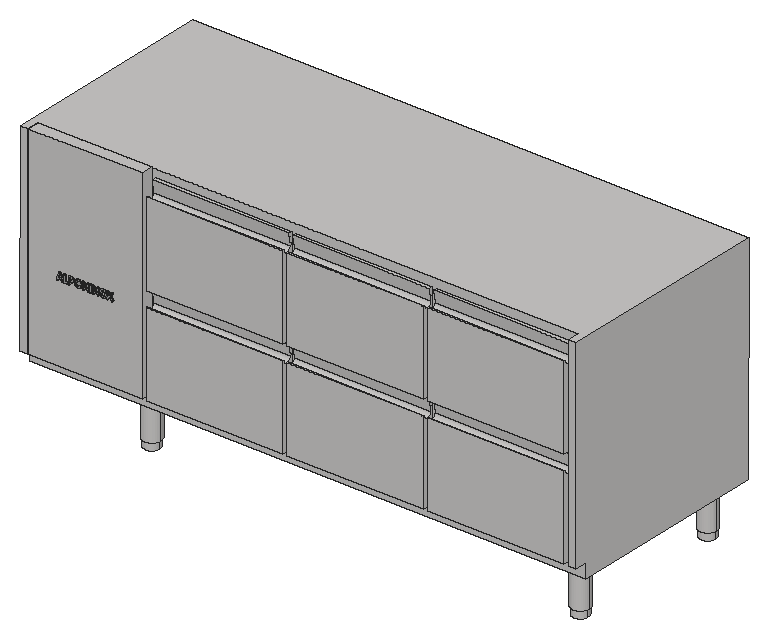
Revit family "QF_ALPENINOX_712051_AH3H7BBB", category Specialty Equipment, Revit 2018
Family settings
  Round Connector Dimension = Use Diameter
  Part Type = Normal
  Work Plane-Based = No
  Always vertical = Yes
  Cut with Voids When Loaded = No
  Shared = No
  Room Calculation Point = No
Parameters
  Weight = 0.00 kg
  Watts = 0.0232258 W
  Volts = 220 V
  URL Manufacturer = "http://www.alpeninox.com/"
  URL = "http://www.alpeninox.com/"
  Steam Supply Size = 0 mm
  Steam Supply Minimum Pressure = 0.0 Pa
  Steam Supply Maximum Pressure = 0.0 Pa
  Steam Pounds per Hour = 0
  Show Logo [instance] = yes
  Show Clearance [instance] = yes
  Refrigeration Suction Line Size = 0 mm
  Refrigeration Liquid Line Size = 0 mm
  Refrigerant Compressor Remote = yes
  Manufacturer = "Alpeninox"
  Phase = 1
  Model = "AH3H7BBB"
  Length Actual = 1795 mm  # constant formula
  Item Number = "712051"
  Hot Water Size = 0 mm
  Height Actual = 850 mm  # constant formula
  HP = "0.3 HP"
  Gas Size = 0 mm
  Gas KW = 0
  Gas Input Pressure = 0 W
  Description = "6DRAWERS REFRIG.TABLE 440L-NO TOP"
  Depth Actual = 700 mm  # constant formula
  Cycle = 50 Hz
  Condensate Return Size = 0 mm
  Compressed Air Volume = 0.0 L/s
  Compressed Air Size = 0 mm
  Compressed Air Pressure = 0.0 Pa
  Cold Water Size = 0 mm
  Accessory = yes
Reference planes
  plane 1 "Center X": y = 182.5
  plane 2: z = 0
  plane 3 "Center Y": x = -353.5
  plane 4: y = -62.5
  plane 5: y = 451.5
  plane 6 "BACK": y = 532.5
  plane 7 "FRONT": y = -167.5
  plane 8: x = -906
  plane 9: x = 478
  plane 10: z = 150
  plane 11 "TOP": z = 900
  plane 12: z = 850
  plane 13 "LEFT": x = -1251
  plane 14 "RIGHT": x = 544
Forms (mm)
  Extrusion 1, solid, material "QF_Finishes_Stainless Steel"
    sketch origin (-353.5, 2, 0) x (0, 1, 0) y (0, 0, 1)
      loop
        line (530.5, 150) -> (530.5, 850) -> (-124.5, 850) -> (-124.5, 150) -> (530.5, 150)
    from -897.5 to 897.5
  Extrusion 2, solid, material "QF_Finishes_Stainless Steel"
    sketch origin (-1022.223, -1524, 150) x (-1, 0, 0) y (0, -1, 0)
      loop
        line (228.777, -1361.5) -> (203.777, -1361.5) -> (203.777, -1401.5) -> (228.777, -1401.5) -> (228.777, -1361.5)
      loop
        line (-1566.223, -1401.5) -> (-1541.223, -1401.5) -> (-1541.223, -1361.5) -> (-1566.223, -1361.5) -> (-1566.223, -1401.5)
    from 47 to 700
  Extrusion 3, solid, material "QF_Finishes_Stainless Steel"
    sketch origin (0, 0, 900) x (-1, 0, 0) y (0, -1, 0)
      loop
        circle (170, -94.5) r 8.45
    from -790.577 to -750
  Extrusion 4, solid, material "QF_Finishes_Stainless Steel"
    sketch origin (0, 0, 0) x (1, 0, 0) y (0, 1, 0)
      loop
        circle (-1167, 451.5) r 4
    from 109.423 to 150
Cuts and joins
  joined: Extrusion 1, Extrusion 2
Lines and regions (mm)
  symbolic lines, style "SpecialityEquipmentHiddenLines"
    curve 1: line (-1251, -122.5, 900) -> (544, -122.5, 900)
    curve 2: line (-850, -162.5, 900) -> (-850, -122.5, 900)
    curve 3: line (-1251, 532.5, 900) -> (544, 532.5, 900)
    curve 4: line (-1251, 532.5, 900) -> (-1251, -162.5, 900)
    curve 5: line (-1251, -162.5, 900) -> (544, -162.5, 900)
    curve 6: line (544, -162.5, 900) -> (544, 532.5, 900)
Dimensions and locks
  locked: plane 6 "BACK" to plane 7 "FRONT" at 700
  equal spacing: plane 6 "BACK", plane 1 "Center X", plane 7 "FRONT"
  locked: plane 6 "BACK" to plane 5 at 81
  plane 10 to level = 150 mm
  plane 11 "TOP" to plane 12 to plane 10 = 50 mm locked, 700 mm locked
  locked: Extrusion 2 sketch curve to Extrusion 2 sketch curve at 25  (x2)
  locked: plane 4 to plane 7 "FRONT" at 105
  locked: plane 6 "BACK" to Extrusion 3 sketch curve at 438
  equal spacing: plane 13 "LEFT", plane 3 "Center Y", plane 14 "RIGHT"
  plane 13 "LEFT" to plane 14 "RIGHT" = 1795 mm
  locked: plane 13 "LEFT" to plane 8 at 345
  locked: plane 9 to plane 14 "RIGHT" at 66
  Extrusion 3 sketch curve to plane 14 "RIGHT" = 714 mm
  plane 13 "LEFT" to Extrusion 4 sketch curve = 84 mm
  locked: plane 6 "BACK" to Extrusion 4 sketch curve at 81
  locked: plane 10 to Extrusion 4 at 40.577
  aligned and locked: level to plane 2
  aligned and locked: plane 10 to Extrusion 3
  aligned and locked: nested 4 to plane 4
  aligned and locked: nested 1 to plane 4
  aligned and locked: nested 3 to plane 5
  aligned and locked: nested 2 to plane 5
  aligned and locked: plane 8 to nested 1
  aligned and locked: plane 8 to nested 2
  aligned and locked: plane 9 to nested 4
  aligned and locked: plane 9 to nested 3
  aligned and locked: Extrusion 1 to Extrusion 2
  aligned and locked: Extrusion 2 to Extrusion 1
  aligned and locked: Extrusion 2 sketch curve to plane 14 "RIGHT"
  aligned and locked: plane 13 "LEFT" to Extrusion 2 sketch curve
  aligned and locked: cut or joined group of Extrusion 1, Extrusion 2 to plane 10
  aligned and locked: plane 12 to cut or joined group of Extrusion 1, Extrusion 2
  aligned and locked: plane 10 to Extrusion 4
Automatic sketch dimensions
  Extrusion 1 sketch curve to plane 10 = 0 mm
  Extrusion 1 sketch curve to plane 12 = 0 mm
  Extrusion 1 sketch curve to plane 6 "BACK" = 0 mm
  plane 7 "FRONT" to Extrusion 1 sketch curve = 45 mm
  plane 7 "FRONT" to Extrusion 2 sketch curve = 45 mm  (x2)
  plane 7 "FRONT" to Extrusion 2 sketch curve = 5 mm  (x2)
  curve 6 to plane 6 "BACK" = 0 mm
  curve 6 to plane 14 "RIGHT" = 0 mm
  curve 5 to plane 13 "LEFT" = 0 mm
  plane 7 "FRONT" to curve 5 = 5 mm
  plane 8 to curve 2 = 56 mm
  curve 1 to curve 4 = 40 mm
  radius of Extrusion 3 sketch curve = 8.45 mm
  radius of Extrusion 4 sketch curve = 4 mm
Nested families
  nested 1: "Foot_Ø50_H150" at (-906, -62.5, 0), type "Foot_Ø50_H150"
  nested 2: "Foot_Ø50_H150" at (-906, 451.5, 0), type "Foot_Ø50_H150"
  nested 3: "Foot_Ø50_H150" at (478, 451.5, 0), type "Foot_Ø50_H150"
  nested 4: "Foot_Ø50_H150" at (478, -62.5, 0), type "Foot_Ø50_H150"
  nested 5: "2 Drawers" at (285, -164.5, 0), Show Clearance <- "Show Clearance", type "2 Drawers"
  nested 6: "2 Drawers" at (-169, -164.5, 0), Show Clearance <- "Show Clearance", type "2 Drawers"
  nested 7: "Refrigerator" at (544, -167.5, 900), type "Refrigerator"
  nested 8: "ALP_Cooling Unit" at (-1041.5, -164.5, 0), Show Logo <- "Show Logo", type "ALP_Cooling Unit"
  nested 9: "2 Drawers" at (-623, -164.5, 0) x (-1, 0, 0) z (0, 0, 1), Show Clearance <- "Show Clearance", type "2 Drawers"
Connectors
  electrical at (-1167, 451.5, 109.423), driven by "Volts"
    settings: on Extrusion 4, index 4, voltage 220 V, apparent load 0 VA, apparent load phase1 0 VA, apparent load phase2 0 VA, apparent load phase3 0 VA, power factor 1, load classification "Altro", number of poles 1, system type 30, power factor state 1, is connector primary yes, connector utility no, sub classification motor no, connector description "Electrical Connection"
  piping at (-170, 94.5, 109.423), diameter 17
    settings: on Extrusion 3, index 5, connector inside diameter 609.6 mm, connector length 0 mm, flow factor 0, pipe flow 0.0 L/s, pressure drop 0.0 Pa, fitting loss kfactor 0, connector angle 0.00°, fixture units 0, engagement length 0 mm, angle of deflection 0.00°, flow configuration 1, flow direction 2, fitting loss method 0, system type 16, joint type 0, gender type 0, connector reference index -1, connector utility 0, adjustable connector no, is connector primary yes, connector description "Drain"
Definition of nested family "Foot_Ø50_H150"
  Reference planes
    plane 1 "Centro (Fronte/Retro)": y = 0
    plane 2: z = 0
    plane 3 "Centro (Sinistra/Destra)": x = 0
    plane 4: z = 150
  Forms (mm)
    Revolve 1, solid
      sketch origin (255.05, 0, 608.09) x (0, 0, 1) y (-1, 0, 0)
        loop
          line (-608.09, 255.05) -> (-608.09, 230.05) -> (-583.09, 230.05) -> (-583.09, 226.05) -> (-458.09, 226.05) -> (-458.09, 255.05) -> (-608.09, 255.05)
        axis (-608.09, 255.05) -> (-458.09, 255.05)
      angle from 0 to 360
  Dimensions and locks
    locked: Revolve 1 sketch curve to Revolve 1 sketch curve at 125
    aligned and locked: level to plane 2
    aligned and locked: plane 4 to Revolve 1 sketch curve
    aligned and locked: Revolve 1 sketch curve to level
    aligned and locked: plane 3 "Centro (Sinistra/Destra)" to Revolve 1 sketch curve
Definition of nested family "2 Drawers"
  Parameters
    Show Clearance [instance] = yes
  Reference planes
    plane 1 "FRONT": y = -3
    plane 2: z = 0
    plane 3 "Centro (Sinistra/Destra)": x = 0
    plane 4: z = 150
    plane 5: z = 850
    plane 6: x = -234
    plane 7: x = 234
    plane 8: x = -220
    plane 9: x = 220
  Forms (mm)
    Extrusion 1, solid
      sketch origin (0, 55, 511) x (0, 0, 1) y (0, -1, 0)
        loop
          line (314, 18) -> (314, 29) -> (274.395, 22.5)
          arc (274.395, 22.5) -> (260.395, 36.5) -> (274.395, 50.5) r 14
          line (274.395, 50.5) -> (274.395, 53) -> (5, 53) -> (5, 18) -> (314, 18)
        loop
          line (-5, 29) -> (-44.605, 22.5)
          arc (-44.605, 22.5) -> (-58.605, 36.5) -> (-44.605, 50.5) r 14
          line (-44.605, 50.5) -> (-44.605, 53) -> (-314, 53) -> (-314, 18) -> (-5, 18) -> (-5, 29)
      from -220 to 220
    Extrusion 2, solid, visible <- "Show Clearance", detail levels coarse
      sketch origin (0, -462, 511) x (0, 0, 1) y (0, -1, 0)
        loop
          line (-314, 109) -> (-314, -464) -> (-5, -464) -> (-5, 109) -> (-314, 109)
        loop
          line (314, -464) -> (314, 109) -> (5, 109) -> (5, -464) -> (314, -464)
      from -220 to 220
  Lines and regions (mm)
    symbolic lines
      curve 1: line (-190, -3, 0) -> (-190, -88, 0)
      curve 2: line (190, -88, 0) -> (190, -3, 0)
      curve 3: line (220, -88, 0) -> (-220, -88, 0)
      curve 4: line (-220, -88, 0) -> (-220, -123, 0)
      curve 5: line (-220, -123, 0) -> (220, -123, 0)
      curve 6: line (220, -123, 0) -> (220, -88, 0)
      curve 7: line (-190, -123, 0) -> (-190, -208, 0)
      curve 8: line (220, -208, 0) -> (-220, -208, 0)
      curve 9: line (-220, -208, 0) -> (-220, -243, 0)
      curve 10: line (-220, -243, 0) -> (220, -243, 0)
      curve 11: line (220, -243, 0) -> (220, -208, 0)
      curve 12: line (190, -208, 0) -> (190, -123, 0)
  Dimensions and locks
    aligned and locked: level to plane 2
Definition of nested family "ALP_Cooling Unit"
  Parameters
    Show Logo [instance] = yes
  Reference planes
    plane 1 "FRONT": y = -3
    plane 2: z = 0
    plane 3 "Centro (Sinistra/Destra)": x = 0
    plane 4: z = 150
    plane 5: z = 850
    plane 6: x = -184.5
    plane 7: x = 184.5
  Forms (mm)
    Extrusion 1, solid
      sketch origin (0, 55, 511) x (0, 0, 1) y (0, -1, 0)
        loop
          line (-314, 53) -> (-314, 13) -> (339, 13) -> (339, 53) -> (-314, 53)
      from -184.5 to 184.5
  Lines and regions (mm)
    Split face 1
      outline origin (0, 2, 197) x (0, 0, 1) y (-1, 0, 0)
        loop
          line (566.835, 184.5) -> (566.835, -184.5)
        loop
          line (521.835, 184.5) -> (521.835, -184.5)
    Split face 2
      outline origin (0, 2, 197) x (0, 0, 1) y (-1, 0, 0)
        loop
          line (526.835, -184.5) -> (526.835, 150.5)
          arc (526.835, 150.5) -> (544.335, 168) -> (561.835, 150.5) r 17.5
          line (561.835, 150.5) -> (561.835, -184.5)
    Split face 3
      outline origin (0, 2, 197) x (0, 0, 1) y (-1, 0, 0)
        loop
          line (555.835, 149.5) -> (532.835, 149.5) -> (532.835, 94.5) -> (555.835, 94.5) -> (555.835, 149.5)
    Split face 4
      outline origin (0, 2, 197) x (0, 0, 1) y (-1, 0, 0)
        loop
          arc (510.649, 158.547) -> (506.648, 162.548) -> (502.647, 158.547) r 4.001
          line (502.647, 158.547) -> (502.647, 116.535)
          arc (502.647, 116.535) -> (506.648, 112.533) -> (510.649, 116.535) r 4.001
          line (510.649, 116.535) -> (510.649, 158.547)
    Split face 5
      outline origin (0, 2, 184.996) x (0, 0, 1) y (-1, 0, 0)
        loop
          arc (510.649, 158.547) -> (506.648, 162.548) -> (502.647, 158.547) r 4.001
          line (502.647, 158.547) -> (502.647, 116.535)
          arc (502.647, 116.535) -> (506.648, 112.533) -> (510.649, 116.535) r 4.001
          line (510.649, 116.535) -> (510.649, 158.547)
    Split face 6
      outline origin (0, 2, 172.993) x (0, 0, 1) y (-1, 0, 0)
        loop
          arc (510.649, 158.547) -> (506.648, 162.548) -> (502.647, 158.547) r 4.001
          line (502.647, 158.547) -> (502.647, 116.535)
          arc (502.647, 116.535) -> (506.648, 112.533) -> (510.649, 116.535) r 4.001
          line (510.649, 116.535) -> (510.649, 158.547)
    Split face 7
      outline origin (0, 2, 160.989) x (0, 0, 1) y (-1, 0, 0)
        loop
          arc (510.649, 158.547) -> (506.648, 162.548) -> (502.647, 158.547) r 4.001
          line (502.647, 158.547) -> (502.647, 116.535)
          arc (502.647, 116.535) -> (506.648, 112.533) -> (510.649, 116.535) r 4.001
          line (510.649, 116.535) -> (510.649, 158.547)
    Split face 8
      outline origin (0, 2, 148.986) x (0, 0, 1) y (-1, 0, 0)
        loop
          arc (510.649, 158.547) -> (506.648, 162.548) -> (502.647, 158.547) r 4.001
          line (502.647, 158.547) -> (502.647, 116.535)
          arc (502.647, 116.535) -> (506.648, 112.533) -> (510.649, 116.535) r 4.001
          line (510.649, 116.535) -> (510.649, 158.547)
    Split face 9
      outline origin (0, 2, 136.982) x (0, 0, 1) y (-1, 0, 0)
        loop
          arc (510.649, 158.547) -> (506.648, 162.548) -> (502.647, 158.547) r 4.001
          line (502.647, 158.547) -> (502.647, 116.535)
          arc (502.647, 116.535) -> (506.648, 112.533) -> (510.649, 116.535) r 4.001
          line (510.649, 116.535) -> (510.649, 158.547)
    Split face 10
      outline origin (0, 2, 124.979) x (0, 0, 1) y (-1, 0, 0)
        loop
          arc (510.649, 158.547) -> (506.648, 162.548) -> (502.647, 158.547) r 4.001
          line (502.647, 158.547) -> (502.647, 116.535)
          arc (502.647, 116.535) -> (506.648, 112.533) -> (510.649, 116.535) r 4.001
          line (510.649, 116.535) -> (510.649, 158.547)
    Split face 11
      outline origin (0, 2, 112.975) x (0, 0, 1) y (-1, 0, 0)
        loop
          arc (510.649, 158.547) -> (506.648, 162.548) -> (502.647, 158.547) r 4.001
          line (502.647, 158.547) -> (502.647, 116.535)
          arc (502.647, 116.535) -> (506.648, 112.533) -> (510.649, 116.535) r 4.001
          line (510.649, 116.535) -> (510.649, 158.547)
    Split face 12
      outline origin (0, 2, 100.972) x (0, 0, 1) y (-1, 0, 0)
        loop
          arc (510.649, 158.547) -> (506.648, 162.548) -> (502.647, 158.547) r 4.001
          line (502.647, 158.547) -> (502.647, 116.535)
          arc (502.647, 116.535) -> (506.648, 112.533) -> (510.649, 116.535) r 4.001
          line (510.649, 116.535) -> (510.649, 158.547)
    Split face 13
      outline origin (0, 2, 88.968) x (0, 0, 1) y (-1, 0, 0)
        loop
          arc (510.649, 158.547) -> (506.648, 162.548) -> (502.647, 158.547) r 4.001
          line (502.647, 158.547) -> (502.647, 116.535)
          arc (502.647, 116.535) -> (506.648, 112.533) -> (510.649, 116.535) r 4.001
          line (510.649, 116.535) -> (510.649, 158.547)
    Split face 14
      outline origin (0, 2, 76.965) x (0, 0, 1) y (-1, 0, 0)
        loop
          arc (510.649, 158.547) -> (506.648, 162.548) -> (502.647, 158.547) r 4.001
          line (502.647, 158.547) -> (502.647, 116.535)
          arc (502.647, 116.535) -> (506.648, 112.533) -> (510.649, 116.535) r 4.001
          line (510.649, 116.535) -> (510.649, 158.547)
    Split face 15
      outline origin (0, 2, 64.961) x (0, 0, 1) y (-1, 0, 0)
        loop
          arc (510.649, 158.547) -> (506.648, 162.548) -> (502.647, 158.547) r 4.001
          line (502.647, 158.547) -> (502.647, 116.535)
          arc (502.647, 116.535) -> (506.648, 112.533) -> (510.649, 116.535) r 4.001
          line (510.649, 116.535) -> (510.649, 158.547)
    Split face 16
      outline origin (0, 2, 52.958) x (0, 0, 1) y (-1, 0, 0)
        loop
          arc (510.649, 158.547) -> (506.648, 162.548) -> (502.647, 158.547) r 4.001
          line (502.647, 158.547) -> (502.647, 116.535)
          arc (502.647, 116.535) -> (506.648, 112.533) -> (510.649, 116.535) r 4.001
          line (510.649, 116.535) -> (510.649, 158.547)
    Split face 17
      outline origin (0, 2, 40.954) x (0, 0, 1) y (-1, 0, 0)
        loop
          arc (510.649, 158.547) -> (506.648, 162.548) -> (502.647, 158.547) r 4.001
          line (502.647, 158.547) -> (502.647, 116.535)
          arc (502.647, 116.535) -> (506.648, 112.533) -> (510.649, 116.535) r 4.001
          line (510.649, 116.535) -> (510.649, 158.547)
    Split face 18
      outline origin (0, 2, 28.951) x (0, 0, 1) y (-1, 0, 0)
        loop
          arc (510.649, 158.547) -> (506.648, 162.548) -> (502.647, 158.547) r 4.001
          line (502.647, 158.547) -> (502.647, 116.535)
          arc (502.647, 116.535) -> (506.648, 112.533) -> (510.649, 116.535) r 4.001
          line (510.649, 116.535) -> (510.649, 158.547)
    Split face 19
      outline origin (0, 2, 16.947) x (0, 0, 1) y (-1, 0, 0)
        loop
          arc (510.649, 158.547) -> (506.648, 162.548) -> (502.647, 158.547) r 4.001
          line (502.647, 158.547) -> (502.647, 116.535)
          arc (502.647, 116.535) -> (506.648, 112.533) -> (510.649, 116.535) r 4.001
          line (510.649, 116.535) -> (510.649, 158.547)
    Split face 20
      outline origin (55.016, 2, 197) x (0, 0, 1) y (-1, 0, 0)
        loop
          arc (510.649, 158.547) -> (506.648, 162.548) -> (502.647, 158.547) r 4.001
          line (502.647, 158.547) -> (502.647, 116.535)
          arc (502.647, 116.535) -> (506.648, 112.533) -> (510.649, 116.535) r 4.001
          line (510.649, 116.535) -> (510.649, 158.547)
    Split face 21
      outline origin (55.016, 2, 184.996) x (0, 0, 1) y (-1, 0, 0)
        loop
          arc (510.649, 158.547) -> (506.648, 162.548) -> (502.647, 158.547) r 4.001
          line (502.647, 158.547) -> (502.647, 116.535)
          arc (502.647, 116.535) -> (506.648, 112.533) -> (510.649, 116.535) r 4.001
          line (510.649, 116.535) -> (510.649, 158.547)
    Split face 22
      outline origin (55.016, 2, 172.993) x (0, 0, 1) y (-1, 0, 0)
        loop
          arc (510.649, 158.547) -> (506.648, 162.548) -> (502.647, 158.547) r 4.001
          line (502.647, 158.547) -> (502.647, 116.535)
          arc (502.647, 116.535) -> (506.648, 112.533) -> (510.649, 116.535) r 4.001
          line (510.649, 116.535) -> (510.649, 158.547)
    Split face 23
      outline origin (55.016, 2, 160.989) x (0, 0, 1) y (-1, 0, 0)
        loop
          arc (510.649, 158.547) -> (506.648, 162.548) -> (502.647, 158.547) r 4.001
          line (502.647, 158.547) -> (502.647, 116.535)
          arc (502.647, 116.535) -> (506.648, 112.533) -> (510.649, 116.535) r 4.001
          line (510.649, 116.535) -> (510.649, 158.547)
    Split face 24
      outline origin (55.016, 2, 148.986) x (0, 0, 1) y (-1, 0, 0)
        loop
          arc (510.649, 158.547) -> (506.648, 162.548) -> (502.647, 158.547) r 4.001
          line (502.647, 158.547) -> (502.647, 116.535)
          arc (502.647, 116.535) -> (506.648, 112.533) -> (510.649, 116.535) r 4.001
          line (510.649, 116.535) -> (510.649, 158.547)
    Split face 25
      outline origin (55.016, 2, 136.982) x (0, 0, 1) y (-1, 0, 0)
        loop
          arc (510.649, 158.547) -> (506.648, 162.548) -> (502.647, 158.547) r 4.001
          line (502.647, 158.547) -> (502.647, 116.535)
          arc (502.647, 116.535) -> (506.648, 112.533) -> (510.649, 116.535) r 4.001
          line (510.649, 116.535) -> (510.649, 158.547)
    Split face 26
      outline origin (55.016, 2, 124.979) x (0, 0, 1) y (-1, 0, 0)
        loop
          arc (510.649, 158.547) -> (506.648, 162.548) -> (502.647, 158.547) r 4.001
          line (502.647, 158.547) -> (502.647, 116.535)
          arc (502.647, 116.535) -> (506.648, 112.533) -> (510.649, 116.535) r 4.001
          line (510.649, 116.535) -> (510.649, 158.547)
    Split face 27
      outline origin (55.016, 2, 112.975) x (0, 0, 1) y (-1, 0, 0)
        loop
          arc (510.649, 158.547) -> (506.648, 162.548) -> (502.647, 158.547) r 4.001
          line (502.647, 158.547) -> (502.647, 116.535)
          arc (502.647, 116.535) -> (506.648, 112.533) -> (510.649, 116.535) r 4.001
          line (510.649, 116.535) -> (510.649, 158.547)
    Split face 28
      outline origin (55.016, 2, 100.972) x (0, 0, 1) y (-1, 0, 0)
        loop
          arc (510.649, 158.547) -> (506.648, 162.548) -> (502.647, 158.547) r 4.001
          line (502.647, 158.547) -> (502.647, 116.535)
          arc (502.647, 116.535) -> (506.648, 112.533) -> (510.649, 116.535) r 4.001
          line (510.649, 116.535) -> (510.649, 158.547)
    Split face 29
      outline origin (55.016, 2, 88.968) x (0, 0, 1) y (-1, 0, 0)
        loop
          arc (510.649, 158.547) -> (506.648, 162.548) -> (502.647, 158.547) r 4.001
          line (502.647, 158.547) -> (502.647, 116.535)
          arc (502.647, 116.535) -> (506.648, 112.533) -> (510.649, 116.535) r 4.001
          line (510.649, 116.535) -> (510.649, 158.547)
    Split face 30
      outline origin (55.016, 2, 76.965) x (0, 0, 1) y (-1, 0, 0)
        loop
          arc (510.649, 158.547) -> (506.648, 162.548) -> (502.647, 158.547) r 4.001
          line (502.647, 158.547) -> (502.647, 116.535)
          arc (502.647, 116.535) -> (506.648, 112.533) -> (510.649, 116.535) r 4.001
          line (510.649, 116.535) -> (510.649, 158.547)
    Split face 31
      outline origin (55.016, 2, 64.961) x (0, 0, 1) y (-1, 0, 0)
        loop
          arc (510.649, 158.547) -> (506.648, 162.548) -> (502.647, 158.547) r 4.001
          line (502.647, 158.547) -> (502.647, 116.535)
          arc (502.647, 116.535) -> (506.648, 112.533) -> (510.649, 116.535) r 4.001
          line (510.649, 116.535) -> (510.649, 158.547)
    Split face 32
      outline origin (55.016, 2, 52.958) x (0, 0, 1) y (-1, 0, 0)
        loop
          arc (510.649, 158.547) -> (506.648, 162.548) -> (502.647, 158.547) r 4.001
          line (502.647, 158.547) -> (502.647, 116.535)
          arc (502.647, 116.535) -> (506.648, 112.533) -> (510.649, 116.535) r 4.001
          line (510.649, 116.535) -> (510.649, 158.547)
    Split face 33
      outline origin (55.016, 2, 40.954) x (0, 0, 1) y (-1, 0, 0)
        loop
          arc (510.649, 158.547) -> (506.648, 162.548) -> (502.647, 158.547) r 4.001
          line (502.647, 158.547) -> (502.647, 116.535)
          arc (502.647, 116.535) -> (506.648, 112.533) -> (510.649, 116.535) r 4.001
          line (510.649, 116.535) -> (510.649, 158.547)
    Split face 34
      outline origin (55.016, 2, 28.951) x (0, 0, 1) y (-1, 0, 0)
        loop
          arc (510.649, 158.547) -> (506.648, 162.548) -> (502.647, 158.547) r 4.001
          line (502.647, 158.547) -> (502.647, 116.535)
          arc (502.647, 116.535) -> (506.648, 112.533) -> (510.649, 116.535) r 4.001
          line (510.649, 116.535) -> (510.649, 158.547)
    Split face 35
      outline origin (55.016, 2, 16.947) x (0, 0, 1) y (-1, 0, 0)
        loop
          arc (510.649, 158.547) -> (506.648, 162.548) -> (502.647, 158.547) r 4.001
          line (502.647, 158.547) -> (502.647, 116.535)
          arc (502.647, 116.535) -> (506.648, 112.533) -> (510.649, 116.535) r 4.001
          line (510.649, 116.535) -> (510.649, 158.547)
    Split face 36
      outline origin (110.032, 2, 197) x (0, 0, 1) y (-1, 0, 0)
        loop
          arc (510.649, 158.547) -> (506.648, 162.548) -> (502.647, 158.547) r 4.001
          line (502.647, 158.547) -> (502.647, 116.535)
          arc (502.647, 116.535) -> (506.648, 112.533) -> (510.649, 116.535) r 4.001
          line (510.649, 116.535) -> (510.649, 158.547)
    Split face 37
      outline origin (110.032, 2, 184.996) x (0, 0, 1) y (-1, 0, 0)
        loop
          arc (510.649, 158.547) -> (506.648, 162.548) -> (502.647, 158.547) r 4.001
          line (502.647, 158.547) -> (502.647, 116.535)
          arc (502.647, 116.535) -> (506.648, 112.533) -> (510.649, 116.535) r 4.001
          line (510.649, 116.535) -> (510.649, 158.547)
    Split face 38
      outline origin (110.032, 2, 172.993) x (0, 0, 1) y (-1, 0, 0)
        loop
          arc (510.649, 158.547) -> (506.648, 162.548) -> (502.647, 158.547) r 4.001
          line (502.647, 158.547) -> (502.647, 116.535)
          arc (502.647, 116.535) -> (506.648, 112.533) -> (510.649, 116.535) r 4.001
          line (510.649, 116.535) -> (510.649, 158.547)
    Split face 39
      outline origin (110.032, 2, 160.989) x (0, 0, 1) y (-1, 0, 0)
        loop
          arc (510.649, 158.547) -> (506.648, 162.548) -> (502.647, 158.547) r 4.001
          line (502.647, 158.547) -> (502.647, 116.535)
          arc (502.647, 116.535) -> (506.648, 112.533) -> (510.649, 116.535) r 4.001
          line (510.649, 116.535) -> (510.649, 158.547)
    Split face 40
      outline origin (110.032, 2, 148.986) x (0, 0, 1) y (-1, 0, 0)
        loop
          arc (510.649, 158.547) -> (506.648, 162.548) -> (502.647, 158.547) r 4.001
          line (502.647, 158.547) -> (502.647, 116.535)
          arc (502.647, 116.535) -> (506.648, 112.533) -> (510.649, 116.535) r 4.001
          line (510.649, 116.535) -> (510.649, 158.547)
    Split face 41
      outline origin (110.032, 2, 136.982) x (0, 0, 1) y (-1, 0, 0)
        loop
          arc (510.649, 158.547) -> (506.648, 162.548) -> (502.647, 158.547) r 4.001
          line (502.647, 158.547) -> (502.647, 116.535)
          arc (502.647, 116.535) -> (506.648, 112.533) -> (510.649, 116.535) r 4.001
          line (510.649, 116.535) -> (510.649, 158.547)
    Split face 42
      outline origin (110.032, 2, 124.979) x (0, 0, 1) y (-1, 0, 0)
        loop
          arc (510.649, 158.547) -> (506.648, 162.548) -> (502.647, 158.547) r 4.001
          line (502.647, 158.547) -> (502.647, 116.535)
          arc (502.647, 116.535) -> (506.648, 112.533) -> (510.649, 116.535) r 4.001
          line (510.649, 116.535) -> (510.649, 158.547)
    Split face 43
      outline origin (110.032, 2, 112.975) x (0, 0, 1) y (-1, 0, 0)
        loop
          arc (510.649, 158.547) -> (506.648, 162.548) -> (502.647, 158.547) r 4.001
          line (502.647, 158.547) -> (502.647, 116.535)
          arc (502.647, 116.535) -> (506.648, 112.533) -> (510.649, 116.535) r 4.001
          line (510.649, 116.535) -> (510.649, 158.547)
    Split face 44
      outline origin (110.032, 2, 100.972) x (0, 0, 1) y (-1, 0, 0)
        loop
          arc (510.649, 158.547) -> (506.648, 162.548) -> (502.647, 158.547) r 4.001
          line (502.647, 158.547) -> (502.647, 116.535)
          arc (502.647, 116.535) -> (506.648, 112.533) -> (510.649, 116.535) r 4.001
          line (510.649, 116.535) -> (510.649, 158.547)
    Split face 45
      outline origin (110.032, 2, 88.968) x (0, 0, 1) y (-1, 0, 0)
        loop
          arc (510.649, 158.547) -> (506.648, 162.548) -> (502.647, 158.547) r 4.001
          line (502.647, 158.547) -> (502.647, 116.535)
          arc (502.647, 116.535) -> (506.648, 112.533) -> (510.649, 116.535) r 4.001
          line (510.649, 116.535) -> (510.649, 158.547)
    Split face 46
      outline origin (110.032, 2, 76.965) x (0, 0, 1) y (-1, 0, 0)
        loop
          arc (510.649, 158.547) -> (506.648, 162.548) -> (502.647, 158.547) r 4.001
          line (502.647, 158.547) -> (502.647, 116.535)
          arc (502.647, 116.535) -> (506.648, 112.533) -> (510.649, 116.535) r 4.001
          line (510.649, 116.535) -> (510.649, 158.547)
    Split face 47
      outline origin (110.032, 2, 64.961) x (0, 0, 1) y (-1, 0, 0)
        loop
          arc (510.649, 158.547) -> (506.648, 162.548) -> (502.647, 158.547) r 4.001
          line (502.647, 158.547) -> (502.647, 116.535)
          arc (502.647, 116.535) -> (506.648, 112.533) -> (510.649, 116.535) r 4.001
          line (510.649, 116.535) -> (510.649, 158.547)
    Split face 48
      outline origin (110.032, 2, 52.958) x (0, 0, 1) y (-1, 0, 0)
        loop
          arc (510.649, 158.547) -> (506.648, 162.548) -> (502.647, 158.547) r 4.001
          line (502.647, 158.547) -> (502.647, 116.535)
          arc (502.647, 116.535) -> (506.648, 112.533) -> (510.649, 116.535) r 4.001
          line (510.649, 116.535) -> (510.649, 158.547)
    Split face 49
      outline origin (110.032, 2, 40.954) x (0, 0, 1) y (-1, 0, 0)
        loop
          arc (510.649, 158.547) -> (506.648, 162.548) -> (502.647, 158.547) r 4.001
          line (502.647, 158.547) -> (502.647, 116.535)
          arc (502.647, 116.535) -> (506.648, 112.533) -> (510.649, 116.535) r 4.001
          line (510.649, 116.535) -> (510.649, 158.547)
    Split face 50
      outline origin (110.032, 2, 28.951) x (0, 0, 1) y (-1, 0, 0)
        loop
          arc (510.649, 158.547) -> (506.648, 162.548) -> (502.647, 158.547) r 4.001
          line (502.647, 158.547) -> (502.647, 116.535)
          arc (502.647, 116.535) -> (506.648, 112.533) -> (510.649, 116.535) r 4.001
          line (510.649, 116.535) -> (510.649, 158.547)
    Split face 51
      outline origin (110.032, 2, 16.947) x (0, 0, 1) y (-1, 0, 0)
        loop
          arc (510.649, 158.547) -> (506.648, 162.548) -> (502.647, 158.547) r 4.001
          line (502.647, 158.547) -> (502.647, 116.535)
          arc (502.647, 116.535) -> (506.648, 112.533) -> (510.649, 116.535) r 4.001
          line (510.649, 116.535) -> (510.649, 158.547)
    Split face 52
      outline origin (165.048, 2, 197) x (0, 0, 1) y (-1, 0, 0)
        loop
          arc (510.649, 158.547) -> (506.648, 162.548) -> (502.647, 158.547) r 4.001
          line (502.647, 158.547) -> (502.647, 116.535)
          arc (502.647, 116.535) -> (506.648, 112.533) -> (510.649, 116.535) r 4.001
          line (510.649, 116.535) -> (510.649, 158.547)
    Split face 53
      outline origin (165.048, 2, 184.996) x (0, 0, 1) y (-1, 0, 0)
        loop
          arc (510.649, 158.547) -> (506.648, 162.548) -> (502.647, 158.547) r 4.001
          line (502.647, 158.547) -> (502.647, 116.535)
          arc (502.647, 116.535) -> (506.648, 112.533) -> (510.649, 116.535) r 4.001
          line (510.649, 116.535) -> (510.649, 158.547)
    Split face 54
      outline origin (165.048, 2, 172.993) x (0, 0, 1) y (-1, 0, 0)
        loop
          arc (510.649, 158.547) -> (506.648, 162.548) -> (502.647, 158.547) r 4.001
          line (502.647, 158.547) -> (502.647, 116.535)
          arc (502.647, 116.535) -> (506.648, 112.533) -> (510.649, 116.535) r 4.001
          line (510.649, 116.535) -> (510.649, 158.547)
    Split face 55
      outline origin (165.048, 2, 160.989) x (0, 0, 1) y (-1, 0, 0)
        loop
          arc (510.649, 158.547) -> (506.648, 162.548) -> (502.647, 158.547) r 4.001
          line (502.647, 158.547) -> (502.647, 116.535)
          arc (502.647, 116.535) -> (506.648, 112.533) -> (510.649, 116.535) r 4.001
          line (510.649, 116.535) -> (510.649, 158.547)
    Split face 56
      outline origin (165.048, 2, 148.986) x (0, 0, 1) y (-1, 0, 0)
        loop
          arc (510.649, 158.547) -> (506.648, 162.548) -> (502.647, 158.547) r 4.001
          line (502.647, 158.547) -> (502.647, 116.535)
          arc (502.647, 116.535) -> (506.648, 112.533) -> (510.649, 116.535) r 4.001
          line (510.649, 116.535) -> (510.649, 158.547)
    Split face 57
      outline origin (165.048, 2, 136.982) x (0, 0, 1) y (-1, 0, 0)
        loop
          arc (510.649, 158.547) -> (506.648, 162.548) -> (502.647, 158.547) r 4.001
          line (502.647, 158.547) -> (502.647, 116.535)
          arc (502.647, 116.535) -> (506.648, 112.533) -> (510.649, 116.535) r 4.001
          line (510.649, 116.535) -> (510.649, 158.547)
    Split face 58
      outline origin (165.048, 2, 124.979) x (0, 0, 1) y (-1, 0, 0)
        loop
          arc (510.649, 158.547) -> (506.648, 162.548) -> (502.647, 158.547) r 4.001
          line (502.647, 158.547) -> (502.647, 116.535)
          arc (502.647, 116.535) -> (506.648, 112.533) -> (510.649, 116.535) r 4.001
          line (510.649, 116.535) -> (510.649, 158.547)
    Split face 59
      outline origin (165.048, 2, 112.975) x (0, 0, 1) y (-1, 0, 0)
        loop
          arc (510.649, 158.547) -> (506.648, 162.548) -> (502.647, 158.547) r 4.001
          line (502.647, 158.547) -> (502.647, 116.535)
          arc (502.647, 116.535) -> (506.648, 112.533) -> (510.649, 116.535) r 4.001
          line (510.649, 116.535) -> (510.649, 158.547)
    Split face 60
      outline origin (165.048, 2, 100.972) x (0, 0, 1) y (-1, 0, 0)
        loop
          arc (510.649, 158.547) -> (506.648, 162.548) -> (502.647, 158.547) r 4.001
          line (502.647, 158.547) -> (502.647, 116.535)
          arc (502.647, 116.535) -> (506.648, 112.533) -> (510.649, 116.535) r 4.001
          line (510.649, 116.535) -> (510.649, 158.547)
    Split face 61
      outline origin (165.048, 2, 88.968) x (0, 0, 1) y (-1, 0, 0)
        loop
          arc (510.649, 158.547) -> (506.648, 162.548) -> (502.647, 158.547) r 4.001
          line (502.647, 158.547) -> (502.647, 116.535)
          arc (502.647, 116.535) -> (506.648, 112.533) -> (510.649, 116.535) r 4.001
          line (510.649, 116.535) -> (510.649, 158.547)
    Split face 62
      outline origin (165.048, 2, 76.965) x (0, 0, 1) y (-1, 0, 0)
        loop
          arc (510.649, 158.547) -> (506.648, 162.548) -> (502.647, 158.547) r 4.001
          line (502.647, 158.547) -> (502.647, 116.535)
          arc (502.647, 116.535) -> (506.648, 112.533) -> (510.649, 116.535) r 4.001
          line (510.649, 116.535) -> (510.649, 158.547)
    Split face 63
      outline origin (165.048, 2, 64.961) x (0, 0, 1) y (-1, 0, 0)
        loop
          arc (510.649, 158.547) -> (506.648, 162.548) -> (502.647, 158.547) r 4.001
          line (502.647, 158.547) -> (502.647, 116.535)
          arc (502.647, 116.535) -> (506.648, 112.533) -> (510.649, 116.535) r 4.001
          line (510.649, 116.535) -> (510.649, 158.547)
    Split face 64
      outline origin (165.048, 2, 52.958) x (0, 0, 1) y (-1, 0, 0)
        loop
          arc (510.649, 158.547) -> (506.648, 162.548) -> (502.647, 158.547) r 4.001
          line (502.647, 158.547) -> (502.647, 116.535)
          arc (502.647, 116.535) -> (506.648, 112.533) -> (510.649, 116.535) r 4.001
          line (510.649, 116.535) -> (510.649, 158.547)
    Split face 65
      outline origin (165.048, 2, 40.954) x (0, 0, 1) y (-1, 0, 0)
        loop
          arc (510.649, 158.547) -> (506.648, 162.548) -> (502.647, 158.547) r 4.001
          line (502.647, 158.547) -> (502.647, 116.535)
          arc (502.647, 116.535) -> (506.648, 112.533) -> (510.649, 116.535) r 4.001
          line (510.649, 116.535) -> (510.649, 158.547)
    Split face 66
      outline origin (165.048, 2, 28.951) x (0, 0, 1) y (-1, 0, 0)
        loop
          arc (510.649, 158.547) -> (506.648, 162.548) -> (502.647, 158.547) r 4.001
          line (502.647, 158.547) -> (502.647, 116.535)
          arc (502.647, 116.535) -> (506.648, 112.533) -> (510.649, 116.535) r 4.001
          line (510.649, 116.535) -> (510.649, 158.547)
    Split face 67
      outline origin (165.048, 2, 16.947) x (0, 0, 1) y (-1, 0, 0)
        loop
          arc (510.649, 158.547) -> (506.648, 162.548) -> (502.647, 158.547) r 4.001
          line (502.647, 158.547) -> (502.647, 116.535)
          arc (502.647, 116.535) -> (506.648, 112.533) -> (510.649, 116.535) r 4.001
          line (510.649, 116.535) -> (510.649, 158.547)
    Split face 68
      outline origin (220.064, 2, 197) x (0, 0, 1) y (-1, 0, 0)
        loop
          arc (510.649, 158.547) -> (506.648, 162.548) -> (502.647, 158.547) r 4.001
          line (502.647, 158.547) -> (502.647, 116.535)
          arc (502.647, 116.535) -> (506.648, 112.533) -> (510.649, 116.535) r 4.001
          line (510.649, 116.535) -> (510.649, 158.547)
    Split face 69
      outline origin (220.064, 2, 184.996) x (0, 0, 1) y (-1, 0, 0)
        loop
          arc (510.649, 158.547) -> (506.648, 162.548) -> (502.647, 158.547) r 4.001
          line (502.647, 158.547) -> (502.647, 116.535)
          arc (502.647, 116.535) -> (506.648, 112.533) -> (510.649, 116.535) r 4.001
          line (510.649, 116.535) -> (510.649, 158.547)
    Split face 70
      outline origin (220.064, 2, 172.993) x (0, 0, 1) y (-1, 0, 0)
        loop
          arc (510.649, 158.547) -> (506.648, 162.548) -> (502.647, 158.547) r 4.001
          line (502.647, 158.547) -> (502.647, 116.535)
          arc (502.647, 116.535) -> (506.648, 112.533) -> (510.649, 116.535) r 4.001
          line (510.649, 116.535) -> (510.649, 158.547)
    Split face 71
      outline origin (220.064, 2, 160.989) x (0, 0, 1) y (-1, 0, 0)
        loop
          arc (510.649, 158.547) -> (506.648, 162.548) -> (502.647, 158.547) r 4.001
          line (502.647, 158.547) -> (502.647, 116.535)
          arc (502.647, 116.535) -> (506.648, 112.533) -> (510.649, 116.535) r 4.001
          line (510.649, 116.535) -> (510.649, 158.547)
    Split face 72
      outline origin (220.064, 2, 148.986) x (0, 0, 1) y (-1, 0, 0)
        loop
          arc (510.649, 158.547) -> (506.648, 162.548) -> (502.647, 158.547) r 4.001
          line (502.647, 158.547) -> (502.647, 116.535)
          arc (502.647, 116.535) -> (506.648, 112.533) -> (510.649, 116.535) r 4.001
          line (510.649, 116.535) -> (510.649, 158.547)
    Split face 73
      outline origin (220.064, 2, 136.982) x (0, 0, 1) y (-1, 0, 0)
        loop
          arc (510.649, 158.547) -> (506.648, 162.548) -> (502.647, 158.547) r 4.001
          line (502.647, 158.547) -> (502.647, 116.535)
          arc (502.647, 116.535) -> (506.648, 112.533) -> (510.649, 116.535) r 4.001
          line (510.649, 116.535) -> (510.649, 158.547)
    Split face 74
      outline origin (220.064, 2, 124.979) x (0, 0, 1) y (-1, 0, 0)
        loop
          arc (510.649, 158.547) -> (506.648, 162.548) -> (502.647, 158.547) r 4.001
          line (502.647, 158.547) -> (502.647, 116.535)
          arc (502.647, 116.535) -> (506.648, 112.533) -> (510.649, 116.535) r 4.001
          line (510.649, 116.535) -> (510.649, 158.547)
    Split face 75
      outline origin (220.064, 2, 112.975) x (0, 0, 1) y (-1, 0, 0)
        loop
          arc (510.649, 158.547) -> (506.648, 162.548) -> (502.647, 158.547) r 4.001
          line (502.647, 158.547) -> (502.647, 116.535)
          arc (502.647, 116.535) -> (506.648, 112.533) -> (510.649, 116.535) r 4.001
          line (510.649, 116.535) -> (510.649, 158.547)
    Split face 76
      outline origin (220.064, 2, 100.972) x (0, 0, 1) y (-1, 0, 0)
        loop
          arc (510.649, 158.547) -> (506.648, 162.548) -> (502.647, 158.547) r 4.001
          line (502.647, 158.547) -> (502.647, 116.535)
          arc (502.647, 116.535) -> (506.648, 112.533) -> (510.649, 116.535) r 4.001
          line (510.649, 116.535) -> (510.649, 158.547)
    Split face 77
      outline origin (220.064, 2, 88.968) x (0, 0, 1) y (-1, 0, 0)
        loop
          arc (510.649, 158.547) -> (506.648, 162.548) -> (502.647, 158.547) r 4.001
          line (502.647, 158.547) -> (502.647, 116.535)
          arc (502.647, 116.535) -> (506.648, 112.533) -> (510.649, 116.535) r 4.001
          line (510.649, 116.535) -> (510.649, 158.547)
    Split face 78
      outline origin (220.064, 2, 76.965) x (0, 0, 1) y (-1, 0, 0)
        loop
          arc (510.649, 158.547) -> (506.648, 162.548) -> (502.647, 158.547) r 4.001
          line (502.647, 158.547) -> (502.647, 116.535)
          arc (502.647, 116.535) -> (506.648, 112.533) -> (510.649, 116.535) r 4.001
          line (510.649, 116.535) -> (510.649, 158.547)
    Split face 79
      outline origin (220.064, 2, 64.961) x (0, 0, 1) y (-1, 0, 0)
        loop
          arc (510.649, 158.547) -> (506.648, 162.548) -> (502.647, 158.547) r 4.001
          line (502.647, 158.547) -> (502.647, 116.535)
          arc (502.647, 116.535) -> (506.648, 112.533) -> (510.649, 116.535) r 4.001
          line (510.649, 116.535) -> (510.649, 158.547)
    Split face 80
      outline origin (220.064, 2, 52.958) x (0, 0, 1) y (-1, 0, 0)
        loop
          arc (510.649, 158.547) -> (506.648, 162.548) -> (502.647, 158.547) r 4.001
          line (502.647, 158.547) -> (502.647, 116.535)
          arc (502.647, 116.535) -> (506.648, 112.533) -> (510.649, 116.535) r 4.001
          line (510.649, 116.535) -> (510.649, 158.547)
    Split face 81
      outline origin (220.064, 2, 40.954) x (0, 0, 1) y (-1, 0, 0)
        loop
          arc (510.649, 158.547) -> (506.648, 162.548) -> (502.647, 158.547) r 4.001
          line (502.647, 158.547) -> (502.647, 116.535)
          arc (502.647, 116.535) -> (506.648, 112.533) -> (510.649, 116.535) r 4.001
          line (510.649, 116.535) -> (510.649, 158.547)
    Split face 82
      outline origin (220.064, 2, 28.951) x (0, 0, 1) y (-1, 0, 0)
        loop
          arc (510.649, 158.547) -> (506.648, 162.548) -> (502.647, 158.547) r 4.001
          line (502.647, 158.547) -> (502.647, 116.535)
          arc (502.647, 116.535) -> (506.648, 112.533) -> (510.649, 116.535) r 4.001
          line (510.649, 116.535) -> (510.649, 158.547)
    Split face 83
      outline origin (220.064, 2, 16.947) x (0, 0, 1) y (-1, 0, 0)
        loop
          arc (510.649, 158.547) -> (506.648, 162.548) -> (502.647, 158.547) r 4.001
          line (502.647, 158.547) -> (502.647, 116.535)
          arc (502.647, 116.535) -> (506.648, 112.533) -> (510.649, 116.535) r 4.001
          line (510.649, 116.535) -> (510.649, 158.547)
    Split face 84
      outline origin (275.081, 2, 197) x (0, 0, 1) y (-1, 0, 0)
        loop
          arc (510.649, 158.547) -> (506.648, 162.548) -> (502.647, 158.547) r 4.001
          line (502.647, 158.547) -> (502.647, 116.535)
          arc (502.647, 116.535) -> (506.648, 112.533) -> (510.649, 116.535) r 4.001
          line (510.649, 116.535) -> (510.649, 158.547)
    Split face 85
      outline origin (275.081, 2, 184.996) x (0, 0, 1) y (-1, 0, 0)
        loop
          arc (510.649, 158.547) -> (506.648, 162.548) -> (502.647, 158.547) r 4.001
          line (502.647, 158.547) -> (502.647, 116.535)
          arc (502.647, 116.535) -> (506.648, 112.533) -> (510.649, 116.535) r 4.001
          line (510.649, 116.535) -> (510.649, 158.547)
    Split face 86
      outline origin (275.081, 2, 172.993) x (0, 0, 1) y (-1, 0, 0)
        loop
          arc (510.649, 158.547) -> (506.648, 162.548) -> (502.647, 158.547) r 4.001
          line (502.647, 158.547) -> (502.647, 116.535)
          arc (502.647, 116.535) -> (506.648, 112.533) -> (510.649, 116.535) r 4.001
          line (510.649, 116.535) -> (510.649, 158.547)
    Split face 87
      outline origin (275.081, 2, 160.989) x (0, 0, 1) y (-1, 0, 0)
        loop
          arc (510.649, 158.547) -> (506.648, 162.548) -> (502.647, 158.547) r 4.001
          line (502.647, 158.547) -> (502.647, 116.535)
          arc (502.647, 116.535) -> (506.648, 112.533) -> (510.649, 116.535) r 4.001
          line (510.649, 116.535) -> (510.649, 158.547)
    Split face 88
      outline origin (275.081, 2, 148.986) x (0, 0, 1) y (-1, 0, 0)
        loop
          arc (510.649, 158.547) -> (506.648, 162.548) -> (502.647, 158.547) r 4.001
          line (502.647, 158.547) -> (502.647, 116.535)
          arc (502.647, 116.535) -> (506.648, 112.533) -> (510.649, 116.535) r 4.001
          line (510.649, 116.535) -> (510.649, 158.547)
    Split face 89
      outline origin (275.081, 2, 136.982) x (0, 0, 1) y (-1, 0, 0)
        loop
          arc (510.649, 158.547) -> (506.648, 162.548) -> (502.647, 158.547) r 4.001
          line (502.647, 158.547) -> (502.647, 116.535)
          arc (502.647, 116.535) -> (506.648, 112.533) -> (510.649, 116.535) r 4.001
          line (510.649, 116.535) -> (510.649, 158.547)
    Split face 90
      outline origin (275.081, 2, 124.979) x (0, 0, 1) y (-1, 0, 0)
        loop
          arc (510.649, 158.547) -> (506.648, 162.548) -> (502.647, 158.547) r 4.001
          line (502.647, 158.547) -> (502.647, 116.535)
          arc (502.647, 116.535) -> (506.648, 112.533) -> (510.649, 116.535) r 4.001
          line (510.649, 116.535) -> (510.649, 158.547)
    Split face 91
      outline origin (275.081, 2, 112.975) x (0, 0, 1) y (-1, 0, 0)
        loop
          arc (510.649, 158.547) -> (506.648, 162.548) -> (502.647, 158.547) r 4.001
          line (502.647, 158.547) -> (502.647, 116.535)
          arc (502.647, 116.535) -> (506.648, 112.533) -> (510.649, 116.535) r 4.001
          line (510.649, 116.535) -> (510.649, 158.547)
    Split face 92
      outline origin (275.081, 2, 100.972) x (0, 0, 1) y (-1, 0, 0)
        loop
          arc (510.649, 158.547) -> (506.648, 162.548) -> (502.647, 158.547) r 4.001
          line (502.647, 158.547) -> (502.647, 116.535)
          arc (502.647, 116.535) -> (506.648, 112.533) -> (510.649, 116.535) r 4.001
          line (510.649, 116.535) -> (510.649, 158.547)
    Split face 93
      outline origin (275.081, 2, 88.968) x (0, 0, 1) y (-1, 0, 0)
        loop
          arc (510.649, 158.547) -> (506.648, 162.548) -> (502.647, 158.547) r 4.001
          line (502.647, 158.547) -> (502.647, 116.535)
          arc (502.647, 116.535) -> (506.648, 112.533) -> (510.649, 116.535) r 4.001
          line (510.649, 116.535) -> (510.649, 158.547)
    Split face 94
      outline origin (275.081, 2, 76.965) x (0, 0, 1) y (-1, 0, 0)
        loop
          arc (510.649, 158.547) -> (506.648, 162.548) -> (502.647, 158.547) r 4.001
          line (502.647, 158.547) -> (502.647, 116.535)
          arc (502.647, 116.535) -> (506.648, 112.533) -> (510.649, 116.535) r 4.001
          line (510.649, 116.535) -> (510.649, 158.547)
    Split face 95
      outline origin (275.081, 2, 64.961) x (0, 0, 1) y (-1, 0, 0)
        loop
          arc (510.649, 158.547) -> (506.648, 162.548) -> (502.647, 158.547) r 4.001
          line (502.647, 158.547) -> (502.647, 116.535)
          arc (502.647, 116.535) -> (506.648, 112.533) -> (510.649, 116.535) r 4.001
          line (510.649, 116.535) -> (510.649, 158.547)
    Split face 96
      outline origin (275.081, 2, 52.958) x (0, 0, 1) y (-1, 0, 0)
        loop
          arc (510.649, 158.547) -> (506.648, 162.548) -> (502.647, 158.547) r 4.001
          line (502.647, 158.547) -> (502.647, 116.535)
          arc (502.647, 116.535) -> (506.648, 112.533) -> (510.649, 116.535) r 4.001
          line (510.649, 116.535) -> (510.649, 158.547)
    Split face 97
      outline origin (275.081, 2, 40.954) x (0, 0, 1) y (-1, 0, 0)
        loop
          arc (510.649, 158.547) -> (506.648, 162.548) -> (502.647, 158.547) r 4.001
          line (502.647, 158.547) -> (502.647, 116.535)
          arc (502.647, 116.535) -> (506.648, 112.533) -> (510.649, 116.535) r 4.001
          line (510.649, 116.535) -> (510.649, 158.547)
    Split face 98
      outline origin (275.081, 2, 28.951) x (0, 0, 1) y (-1, 0, 0)
        loop
          arc (510.649, 158.547) -> (506.648, 162.548) -> (502.647, 158.547) r 4.001
          line (502.647, 158.547) -> (502.647, 116.535)
          arc (502.647, 116.535) -> (506.648, 112.533) -> (510.649, 116.535) r 4.001
          line (510.649, 116.535) -> (510.649, 158.547)
    Split face 99
      outline origin (275.081, 2, 16.947) x (0, 0, 1) y (-1, 0, 0)
        loop
          arc (510.649, 158.547) -> (506.648, 162.548) -> (502.647, 158.547) r 4.001
          line (502.647, 158.547) -> (502.647, 116.535)
          arc (502.647, 116.535) -> (506.648, 112.533) -> (510.649, 116.535) r 4.001
          line (510.649, 116.535) -> (510.649, 158.547)
    Split face 100
      outline origin (0, 2, -113.091) x (0, 0, 1) y (-1, 0, 0)
        loop
          arc (510.649, 158.547) -> (506.648, 162.548) -> (502.647, 158.547) r 4.001
          line (502.647, 158.547) -> (502.647, 116.535)
          arc (502.647, 116.535) -> (506.648, 112.533) -> (510.649, 116.535) r 4.001
          line (510.649, 116.535) -> (510.649, 158.547)
    Split face 101
      outline origin (0, 2, -125.094) x (0, 0, 1) y (-1, 0, 0)
        loop
          arc (510.649, 158.547) -> (506.648, 162.548) -> (502.647, 158.547) r 4.001
          line (502.647, 158.547) -> (502.647, 116.535)
          arc (502.647, 116.535) -> (506.648, 112.533) -> (510.649, 116.535) r 4.001
          line (510.649, 116.535) -> (510.649, 158.547)
    Split face 102
      outline origin (0, 2, -137.098) x (0, 0, 1) y (-1, 0, 0)
        loop
          arc (510.649, 158.547) -> (506.648, 162.548) -> (502.647, 158.547) r 4.001
          line (502.647, 158.547) -> (502.647, 116.535)
          arc (502.647, 116.535) -> (506.648, 112.533) -> (510.649, 116.535) r 4.001
          line (510.649, 116.535) -> (510.649, 158.547)
    Split face 103
      outline origin (0, 2, -149.101) x (0, 0, 1) y (-1, 0, 0)
        loop
          arc (510.649, 158.547) -> (506.648, 162.548) -> (502.647, 158.547) r 4.001
          line (502.647, 158.547) -> (502.647, 116.535)
          arc (502.647, 116.535) -> (506.648, 112.533) -> (510.649, 116.535) r 4.001
          line (510.649, 116.535) -> (510.649, 158.547)
    Split face 104
      outline origin (0, 2, -161.105) x (0, 0, 1) y (-1, 0, 0)
        loop
          arc (510.649, 158.547) -> (506.648, 162.548) -> (502.647, 158.547) r 4.001
          line (502.647, 158.547) -> (502.647, 116.535)
          arc (502.647, 116.535) -> (506.648, 112.533) -> (510.649, 116.535) r 4.001
          line (510.649, 116.535) -> (510.649, 158.547)
    Split face 105
      outline origin (0, 2, -173.108) x (0, 0, 1) y (-1, 0, 0)
        loop
          arc (510.649, 158.547) -> (506.648, 162.548) -> (502.647, 158.547) r 4.001
          line (502.647, 158.547) -> (502.647, 116.535)
          arc (502.647, 116.535) -> (506.648, 112.533) -> (510.649, 116.535) r 4.001
          line (510.649, 116.535) -> (510.649, 158.547)
    Split face 106
      outline origin (0, 2, -185.112) x (0, 0, 1) y (-1, 0, 0)
        loop
          arc (510.649, 158.547) -> (506.648, 162.548) -> (502.647, 158.547) r 4.001
          line (502.647, 158.547) -> (502.647, 116.535)
          arc (502.647, 116.535) -> (506.648, 112.533) -> (510.649, 116.535) r 4.001
          line (510.649, 116.535) -> (510.649, 158.547)
    Split face 107
      outline origin (0, 2, -197.115) x (0, 0, 1) y (-1, 0, 0)
        loop
          arc (510.649, 158.547) -> (506.648, 162.548) -> (502.647, 158.547) r 4.001
          line (502.647, 158.547) -> (502.647, 116.535)
          arc (502.647, 116.535) -> (506.648, 112.533) -> (510.649, 116.535) r 4.001
          line (510.649, 116.535) -> (510.649, 158.547)
    Split face 108
      outline origin (0, 2, -209.119) x (0, 0, 1) y (-1, 0, 0)
        loop
          arc (510.649, 158.547) -> (506.648, 162.548) -> (502.647, 158.547) r 4.001
          line (502.647, 158.547) -> (502.647, 116.535)
          arc (502.647, 116.535) -> (506.648, 112.533) -> (510.649, 116.535) r 4.001
          line (510.649, 116.535) -> (510.649, 158.547)
    Split face 109
      outline origin (0, 2, -221.122) x (0, 0, 1) y (-1, 0, 0)
        loop
          arc (510.649, 158.547) -> (506.648, 162.548) -> (502.647, 158.547) r 4.001
          line (502.647, 158.547) -> (502.647, 116.535)
          arc (502.647, 116.535) -> (506.648, 112.533) -> (510.649, 116.535) r 4.001
          line (510.649, 116.535) -> (510.649, 158.547)
    Split face 110
      outline origin (0, 2, -233.126) x (0, 0, 1) y (-1, 0, 0)
        loop
          arc (510.649, 158.547) -> (506.648, 162.548) -> (502.647, 158.547) r 4.001
          line (502.647, 158.547) -> (502.647, 116.535)
          arc (502.647, 116.535) -> (506.648, 112.533) -> (510.649, 116.535) r 4.001
          line (510.649, 116.535) -> (510.649, 158.547)
    Split face 111
      outline origin (0, 2, -245.129) x (0, 0, 1) y (-1, 0, 0)
        loop
          arc (510.649, 158.547) -> (506.648, 162.548) -> (502.647, 158.547) r 4.001
          line (502.647, 158.547) -> (502.647, 116.535)
          arc (502.647, 116.535) -> (506.648, 112.533) -> (510.649, 116.535) r 4.001
          line (510.649, 116.535) -> (510.649, 158.547)
    Split face 112
      outline origin (0, 2, -257.133) x (0, 0, 1) y (-1, 0, 0)
        loop
          arc (510.649, 158.547) -> (506.648, 162.548) -> (502.647, 158.547) r 4.001
          line (502.647, 158.547) -> (502.647, 116.535)
          arc (502.647, 116.535) -> (506.648, 112.533) -> (510.649, 116.535) r 4.001
          line (510.649, 116.535) -> (510.649, 158.547)
    Split face 113
      outline origin (0, 2, -269.136) x (0, 0, 1) y (-1, 0, 0)
        loop
          arc (510.649, 158.547) -> (506.648, 162.548) -> (502.647, 158.547) r 4.001
          line (502.647, 158.547) -> (502.647, 116.535)
          arc (502.647, 116.535) -> (506.648, 112.533) -> (510.649, 116.535) r 4.001
          line (510.649, 116.535) -> (510.649, 158.547)
    Split face 114
      outline origin (0, 2, -281.14) x (0, 0, 1) y (-1, 0, 0)
        loop
          arc (510.649, 158.547) -> (506.648, 162.548) -> (502.647, 158.547) r 4.001
          line (502.647, 158.547) -> (502.647, 116.535)
          arc (502.647, 116.535) -> (506.648, 112.533) -> (510.649, 116.535) r 4.001
          line (510.649, 116.535) -> (510.649, 158.547)
    Split face 115
      outline origin (0, 2, -293.144) x (0, 0, 1) y (-1, 0, 0)
        loop
          arc (510.649, 158.547) -> (506.648, 162.548) -> (502.647, 158.547) r 4.001
          line (502.647, 158.547) -> (502.647, 116.535)
          arc (502.647, 116.535) -> (506.648, 112.533) -> (510.649, 116.535) r 4.001
          line (510.649, 116.535) -> (510.649, 158.547)
    Split face 116
      outline origin (55.016, 2, -113.091) x (0, 0, 1) y (-1, 0, 0)
        loop
          arc (510.649, 158.547) -> (506.648, 162.548) -> (502.647, 158.547) r 4.001
          line (502.647, 158.547) -> (502.647, 116.535)
          arc (502.647, 116.535) -> (506.648, 112.533) -> (510.649, 116.535) r 4.001
          line (510.649, 116.535) -> (510.649, 158.547)
    Split face 117
      outline origin (55.016, 2, -125.094) x (0, 0, 1) y (-1, 0, 0)
        loop
          arc (510.649, 158.547) -> (506.648, 162.548) -> (502.647, 158.547) r 4.001
          line (502.647, 158.547) -> (502.647, 116.535)
          arc (502.647, 116.535) -> (506.648, 112.533) -> (510.649, 116.535) r 4.001
          line (510.649, 116.535) -> (510.649, 158.547)
    Split face 118
      outline origin (55.016, 2, -137.098) x (0, 0, 1) y (-1, 0, 0)
        loop
          arc (510.649, 158.547) -> (506.648, 162.548) -> (502.647, 158.547) r 4.001
          line (502.647, 158.547) -> (502.647, 116.535)
          arc (502.647, 116.535) -> (506.648, 112.533) -> (510.649, 116.535) r 4.001
          line (510.649, 116.535) -> (510.649, 158.547)
    Split face 119
      outline origin (55.016, 2, -149.101) x (0, 0, 1) y (-1, 0, 0)
        loop
          arc (510.649, 158.547) -> (506.648, 162.548) -> (502.647, 158.547) r 4.001
          line (502.647, 158.547) -> (502.647, 116.535)
          arc (502.647, 116.535) -> (506.648, 112.533) -> (510.649, 116.535) r 4.001
          line (510.649, 116.535) -> (510.649, 158.547)
    Split face 120
      outline origin (55.016, 2, -161.105) x (0, 0, 1) y (-1, 0, 0)
        loop
          arc (510.649, 158.547) -> (506.648, 162.548) -> (502.647, 158.547) r 4.001
          line (502.647, 158.547) -> (502.647, 116.535)
          arc (502.647, 116.535) -> (506.648, 112.533) -> (510.649, 116.535) r 4.001
          line (510.649, 116.535) -> (510.649, 158.547)
    Split face 121
      outline origin (55.016, 2, -173.108) x (0, 0, 1) y (-1, 0, 0)
        loop
          arc (510.649, 158.547) -> (506.648, 162.548) -> (502.647, 158.547) r 4.001
          line (502.647, 158.547) -> (502.647, 116.535)
          arc (502.647, 116.535) -> (506.648, 112.533) -> (510.649, 116.535) r 4.001
          line (510.649, 116.535) -> (510.649, 158.547)
    Split face 122
      outline origin (55.016, 2, -185.112) x (0, 0, 1) y (-1, 0, 0)
        loop
          arc (510.649, 158.547) -> (506.648, 162.548) -> (502.647, 158.547) r 4.001
          line (502.647, 158.547) -> (502.647, 116.535)
          arc (502.647, 116.535) -> (506.648, 112.533) -> (510.649, 116.535) r 4.001
          line (510.649, 116.535) -> (510.649, 158.547)
    Split face 123
      outline origin (55.016, 2, -197.115) x (0, 0, 1) y (-1, 0, 0)
        loop
          arc (510.649, 158.547) -> (506.648, 162.548) -> (502.647, 158.547) r 4.001
          line (502.647, 158.547) -> (502.647, 116.535)
          arc (502.647, 116.535) -> (506.648, 112.533) -> (510.649, 116.535) r 4.001
          line (510.649, 116.535) -> (510.649, 158.547)
    Split face 124
      outline origin (55.016, 2, -209.119) x (0, 0, 1) y (-1, 0, 0)
        loop
          arc (510.649, 158.547) -> (506.648, 162.548) -> (502.647, 158.547) r 4.001
          line (502.647, 158.547) -> (502.647, 116.535)
          arc (502.647, 116.535) -> (506.648, 112.533) -> (510.649, 116.535) r 4.001
          line (510.649, 116.535) -> (510.649, 158.547)
    Split face 125
      outline origin (55.016, 2, -221.122) x (0, 0, 1) y (-1, 0, 0)
        loop
          arc (510.649, 158.547) -> (506.648, 162.548) -> (502.647, 158.547) r 4.001
          line (502.647, 158.547) -> (502.647, 116.535)
          arc (502.647, 116.535) -> (506.648, 112.533) -> (510.649, 116.535) r 4.001
          line (510.649, 116.535) -> (510.649, 158.547)
    Split face 126
      outline origin (55.016, 2, -233.126) x (0, 0, 1) y (-1, 0, 0)
        loop
          arc (510.649, 158.547) -> (506.648, 162.548) -> (502.647, 158.547) r 4.001
          line (502.647, 158.547) -> (502.647, 116.535)
          arc (502.647, 116.535) -> (506.648, 112.533) -> (510.649, 116.535) r 4.001
          line (510.649, 116.535) -> (510.649, 158.547)
    Split face 127
      outline origin (55.016, 2, -245.129) x (0, 0, 1) y (-1, 0, 0)
        loop
          arc (510.649, 158.547) -> (506.648, 162.548) -> (502.647, 158.547) r 4.001
          line (502.647, 158.547) -> (502.647, 116.535)
          arc (502.647, 116.535) -> (506.648, 112.533) -> (510.649, 116.535) r 4.001
          line (510.649, 116.535) -> (510.649, 158.547)
    Split face 128
      outline origin (55.016, 2, -257.133) x (0, 0, 1) y (-1, 0, 0)
        loop
          arc (510.649, 158.547) -> (506.648, 162.548) -> (502.647, 158.547) r 4.001
          line (502.647, 158.547) -> (502.647, 116.535)
          arc (502.647, 116.535) -> (506.648, 112.533) -> (510.649, 116.535) r 4.001
          line (510.649, 116.535) -> (510.649, 158.547)
    Split face 129
      outline origin (55.016, 2, -269.136) x (0, 0, 1) y (-1, 0, 0)
        loop
          arc (510.649, 158.547) -> (506.648, 162.548) -> (502.647, 158.547) r 4.001
          line (502.647, 158.547) -> (502.647, 116.535)
          arc (502.647, 116.535) -> (506.648, 112.533) -> (510.649, 116.535) r 4.001
          line (510.649, 116.535) -> (510.649, 158.547)
    Split face 130
      outline origin (55.016, 2, -281.14) x (0, 0, 1) y (-1, 0, 0)
        loop
          arc (510.649, 158.547) -> (506.648, 162.548) -> (502.647, 158.547) r 4.001
          line (502.647, 158.547) -> (502.647, 116.535)
          arc (502.647, 116.535) -> (506.648, 112.533) -> (510.649, 116.535) r 4.001
          line (510.649, 116.535) -> (510.649, 158.547)
    Split face 131
      outline origin (55.016, 2, -293.144) x (0, 0, 1) y (-1, 0, 0)
        loop
          arc (510.649, 158.547) -> (506.648, 162.548) -> (502.647, 158.547) r 4.001
          line (502.647, 158.547) -> (502.647, 116.535)
          arc (502.647, 116.535) -> (506.648, 112.533) -> (510.649, 116.535) r 4.001
          line (510.649, 116.535) -> (510.649, 158.547)
    Split face 132
      outline origin (110.032, 2, -113.091) x (0, 0, 1) y (-1, 0, 0)
        loop
          arc (510.649, 158.547) -> (506.648, 162.548) -> (502.647, 158.547) r 4.001
          line (502.647, 158.547) -> (502.647, 116.535)
          arc (502.647, 116.535) -> (506.648, 112.533) -> (510.649, 116.535) r 4.001
          line (510.649, 116.535) -> (510.649, 158.547)
